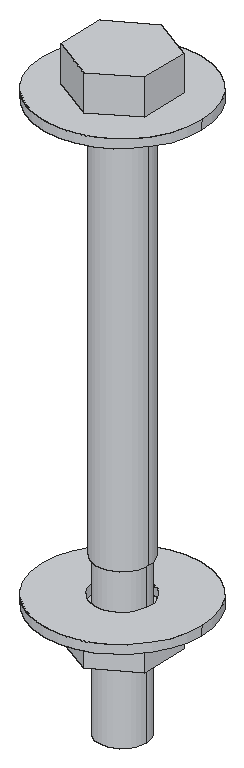
Revit family "Generic ISO Metric Bolt Assembly", category Generic Models, Revit 2022
Family settings
  Can host rebar = No
  Round Connector Dimension = Use Diameter
  Part Type = Normal
  Work Plane-Based = Yes
  Always vertical = No
  Cut with Voids When Loaded = Yes
  Maintain Annotation Orientation = No
  Shared = No
  Room Calculation Point = No
Parameters
  tabD2D = "GIMBA D2D"  # constant formula
  rh = if(Clearance Hole = 12, dh1 / 2, if(Clearance Hole = 14, dh3 / 2, dh2 / 2))  # 6.75 mm
  gd [instance] = -Grip Length + round(0) * 1 mm  # -100 mm
  dh3 = size_lookup(tabMGeo, "dh3", 1.16 * D + 0.4 mm, D)  # 14.5 mm
  dh2 = size_lookup(tabMGeo, "dh2", 1.09 * D + 0.1 mm, D)  # 13.5 mm
  dh1 = size_lookup(tabMGeo, "dh1", 1.03 * D + 0.3 mm, D)  # 13 mm
  Wrench Size [instance] = 19 mm
  Thread Length [instance] = 36 mm
  tabMGeo = "GIMBA MGeo"  # constant formula
  Default Elevation = 0 mm
  URL = "https://www.b-tu.de/en/fg-kommunikationstechnik/team/staff/prof-dr-ing-habil-matthias-wolff"
  Type Comments = ""
  Thread Material = none
  Shank = yes
  Nominal Diameter = 12 mm
  Material = none
  Manufacturer = "Matthias Wolff"  # constant formula
  Grip Length [instance] = 100 mm
  Large Washers [instance] = yes
  Description = "ISO metric bolt assembly with washers and nut"  # constant formula
  D = if(Nominal Diameter < 3 mm, 3 mm, if(Nominal Diameter > 64 mm, 64 mm, size_lookup(tabD2D, "D", Nominal Diameter, round(Nominal Diameter / 1 mm) * 1 mm)))  # 12 mm
  Cut Clearance Hole = not(Clearance Hole = 0)  # yes
  Clearance Hole = 13
  Bolt Length [instance] = 130 mm
Reference planes
  plane 1 "Mitte (Vorne/hinten)": y = 0
  plane 2: z = 0
  plane 3 "Mitte (Links/rechts)": x = 0
Forms (mm)
  Extrusion 1, void
    sketch origin (0, 0, 0) x (1, 0, 0) y (0, 1, 0)
      loop
        circle (0, 0) r 6.75
    from -100 <- "gd" to 0
Dimensions and locks
  "Bolt Length": nested 1 to nested 1
  nested 1 to nested 1 = 100 mm
  "Thread Length": nested 1 to nested 1
  "Wrench Size": nested 1 to nested 1
  nested 1 to nested 1 = 12 mm
  "rh": radius of Extrusion 1 sketch curve
  aligned and locked: level to plane 2
  aligned and locked: plane 1 "Mitte (Vorne/hinten)" to nested 1
  aligned and locked: plane 3 "Mitte (Links/rechts)" to nested 1
  aligned and locked: plane 3 "Mitte (Links/rechts)" to Extrusion 1 sketch curve
  aligned and locked: plane 1 "Mitte (Vorne/hinten)" to Extrusion 1 sketch curve
  aligned and locked: nested 1 to plane 2
Nested families
  nested 1: "GIMBA Geometry" at (0, 0, 0), type "generic"
    with g2l 130 mm, Length 100 mm, g 100 mm, l 130 mm
Definition of nested family "GIMBA Geometry"
  Parameters (values of type "generic")
    tabD2D = "GIMBA D2D"  # constant formula
    pg2l = if(Length < 23 mm, 2, if(Length < 100 mm, 5, 10))  # 10
    cu = round((0.1453 * (D / 1 mm) + 0.3479) * pu) / pu * 1 mm  # 2 mm
    cdu3 = 3 * D + round(0) * 1 mm  # 36 mm
    u = cu  # 2 mm
    cdu2 = round(1.8508 * D / 1 mm + 0.7401) * 1 mm  # 23 mm
    cdu1 = if(D < 11 mm, round(10 * 1.0382 * D / 1 mm + 0.1206) / 10 * 1 mm, D + 1 mm)  # 13 mm
    tabG2L = "GIMBA G2L"  # constant formula
    s = size_lookup(tabMGeo, "s", cs, D)  # 19 mm
    ck = round(2 * (0.6216 * D / 1 mm + 0.2961)) / 2 * 1 mm  # 8 mm
    g2l = size_lookup(tabG2L, "l", Length + 2 * u + 2 * k, D, round(Length / 1 mm / pg2l) * pg2l * 1 mm)  # 150 mm
    pu = if(D < 10 mm, 10, if(D < 16 mm, 2, 1))  # 2
    pP = if(D < 6 mm, 10, if(D < 14 mm, 4, 2))  # 4
    cd2 = D - 3 * sqrt(3) / 8 * P  # 10.863 mm
    cb4 = 2 * D + 25 mm + round(0) * 1 mm  # 49 mm
    cb3 = 2 * D + 12 mm + round(0) * 1 mm  # 36 mm
    cb2 = 2 * D + 6 mm + round(0) * 1 mm  # 30 mm
    cb = if(Shank, if(l < 125 mm, cb2, if(l < 200 mm, cb3, cb4)), l - ca)  # 36 mm
    ca = round(2 * (0.7122 * (D / 1 mm) ^ 0.7822)) / 2 * 1 mm  # 5 mm
    Default Elevation = 0 mm
    cP = round(0.2365 * (D / 1 mm) ^ 0.7831 * pP) / pP * 1 mm  # 1.75 mm
    URL = "https://www.b-tu.de/en/fg-kommunikationstechnik/team/staff/prof-dr-ing-habil-matthias-wolff"
    P = size_lookup(tabMGeo, "P", cP, D)  # 1.75 mm
    Large Washers = yes
    Length = 120 mm
    cH = sqrt(3) / 2 * P  # 1.516 mm
    Manufacturer = "Matthias Wolff"  # constant formula
    D = if(Nominal Diameter < 3 mm, 3 mm, if(Nominal Diameter > 64 mm, 64 mm, size_lookup(tabD2D, "D", Nominal Diameter, round(Nominal Diameter / 1 mm) * 1 mm)))  # 12 mm
    ru1 = cdu1 / 2  # 6.5 mm
    R = D / 2 + round(0) * 1 mm  # 6 mm
    tabMGeo = "GIMBA MGeo"  # constant formula
    g = Length + round(0) * 1 mm  # 120 mm
    cs = round(1.5095 * D / 1 mm + 0.6456) * 1 mm  # 19 mm
    Grip = yes
    Thread Material = none
    Material = none
    l = if(Grip, g2l, Length)  # 150 mm
    r2 = cd2 / 2  # 5.432 mm
    k = size_lookup(tabMGeo, "k", ck, D)  # 8 mm
    ru2 = if(Large Washers, cdu3 / 2, cdu2 / 2)  # 18 mm
    Shank = yes
    Description = "Geometry of an ISO metric bolt assembly with washers and hex cap and nut"  # constant formula
    Nominal Diameter = 12 mm
  Reference planes
    plane 1 "Mitte (Vorne/hinten)": y = 0
    plane 2 "Reference plane": z = 0
    plane 3 "Mitte (Links/rechts)": x = 0
    plane 4 "Head bottom": z = 2
    plane 5 "Head top": z = 10
    plane 6 "Lower washer top": z = -120
    plane 7 "Nut top": z = -122
    plane 8 "Nut bottom": z = -130
    plane 9 "Bolt bottom": z = -148
    plane 10 "Shank end": z = -112
    plane 11 "ru1": x = 6.5
    plane 12 "ru2": x = 18
    plane 13 "R": x = 6
    plane 14 "r2": x = 5.432
  Forms (mm)
    Sweep 1, solid, material <- "Material", detail levels medium+fine
      path origin (0, 0, 0) x (1, 0, 0) y (0, 0, 1)
        loop
          line (0, 2) -> (0, 10)
      profile "Hexagonal Profile : generic" origin (0, 0, 6) x (-1, 0, 0) y (0, -1, 0)
        loop
          line (-9.5, 5.485) -> (-9.5, -5.485) -> (0, -10.97) -> (9.5, -5.485) -> (9.5, 5.485) -> (0, 10.97) -> (-9.5, 5.485)
    Sweep 2, solid, material <- "Material", visible <- "Grip", detail levels medium+fine
      path origin (0, 0, -109.5) x (1, 0, 0) y (0, 0, 1)
        loop
          line (0, -20.5) -> (0, -12.5)
      profile "Hexagonal Profile : generic" origin (0, 0, -126) x (-1, 0, 0) y (0, -1, 0)
        loop
          line (-9.5, 5.485) -> (-9.5, -5.485) -> (0, -10.97) -> (9.5, -5.485) -> (9.5, 5.485) -> (0, 10.97) -> (-9.5, 5.485)
    Extrusion 3, void
      sketch origin (0, 0, 0) x (1, 0, 0) y (0, 1, 0)
        loop
          circle (0, 0) r 5.432
      from -130 to -122
    Extrusion 4, solid, material <- "Material", detail levels medium+fine
      sketch origin (0, 0, 0) x (1, 0, 0) y (0, 1, 0)
        loop
          circle (0, 0) r 18
        loop
          circle (0, 0) r 6.5
      from 0 to 2
    Extrusion 5, solid, material <- "Material", visible <- "Grip", detail levels medium+fine
      sketch origin (0, 0, 0) x (1, 0, 0) y (0, 1, 0)
        loop
          circle (0, 0) r 18
        loop
          circle (0, 0) r 6.5
      from -122 to -120
    Extrusion 6, solid, material <- "Material", detail levels fine
      sketch origin (0, 0, 0) x (1, 0, 0) y (0, 1, 0)
        loop
          circle (0, 0) r 6
      from -112 to 2
    Extrusion 7, solid, material <- "Thread Material", detail levels fine
      sketch origin (0, 0, 0) x (1, 0, 0) y (0, 1, 0)
        loop
          circle (0, 0) r 5.432
      from -148 to -112
    Extrusion 8, solid, material <- "Material", detail levels medium
      sketch origin (0, 0, 0) x (1, 0, 0) y (0, 1, 0)
        loop
          circle (0, 0) r 6
      from -148 to 2
  Cuts and joins
    Extrusion 3 cuts Sweep 1
    Extrusion 3 cuts Sweep 2
  Dimensions and locks
    "u": plane 4 "Head bottom" to plane 2 "Reference plane"
    "k": plane 5 "Head top" to plane 4 "Head bottom"
    "g": plane 2 "Reference plane" to plane 6 "Lower washer top"
    "u": plane 6 "Lower washer top" to plane 7 "Nut top"
    "k": plane 7 "Nut top" to plane 8 "Nut bottom"
    "l": plane 4 "Head bottom" to plane 9 "Bolt bottom"
    "cb": plane 10 "Shank end" to plane 9 "Bolt bottom"
    "ru1": plane 11 "ru1" to plane 3 "Mitte (Links/rechts)"
    "ru2": plane 12 "ru2" to plane 3 "Mitte (Links/rechts)"
    "R": plane 13 "R" to plane 3 "Mitte (Links/rechts)"
    "r2": plane 14 "r2" to plane 3 "Mitte (Links/rechts)"
    "r2": radius of Extrusion 3 sketch curve
    "ru2": radius of Extrusion 4 sketch curve
    "ru1": radius of Extrusion 4 sketch curve
    "ru2": radius of Extrusion 5 sketch curve
    "ru1": radius of Extrusion 5 sketch curve
    "R": radius of Extrusion 6 sketch curve
    "r2": radius of Extrusion 7 sketch curve
    "R": radius of Extrusion 8 sketch curve
    aligned and locked: plane 3 "Mitte (Links/rechts)" to Sweep 1 sketch curve
    aligned and locked: plane 5 "Head top" to Sweep 1 sketch curve
    aligned and locked: plane 3 "Mitte (Links/rechts)" to Extrusion 3 sketch curve
    aligned and locked: plane 1 "Mitte (Vorne/hinten)" to Extrusion 3 sketch curve
    aligned and locked: Extrusion 3 to plane 8 "Nut bottom"
    aligned and locked: plane 7 "Nut top" to Extrusion 3
    aligned and locked: plane 8 "Nut bottom" to Sweep 2 sketch curve
    aligned and locked: plane 4 "Head bottom" to cut or joined group of Sweep 1, Extrusion 3
    aligned and locked: plane 5 "Head top" to cut or joined group of Sweep 1, Extrusion 3
    aligned and locked: level to plane 2 "Reference plane"
    aligned and locked: plane 3 "Mitte (Links/rechts)" to Extrusion 4 sketch curve  (x2)
    aligned and locked: plane 1 "Mitte (Vorne/hinten)" to Extrusion 4 sketch curve  (x2)
    aligned and locked: plane 4 "Head bottom" to Extrusion 4
    aligned and locked: Extrusion 4 to plane 2 "Reference plane"
    aligned and locked: plane 3 "Mitte (Links/rechts)" to Extrusion 5 sketch curve  (x2)
    aligned and locked: plane 1 "Mitte (Vorne/hinten)" to Extrusion 5 sketch curve  (x2)
    aligned and locked: plane 6 "Lower washer top" to Extrusion 5
    aligned and locked: Extrusion 5 to plane 7 "Nut top"
    aligned and locked: plane 1 "Mitte (Vorne/hinten)" to Extrusion 6 sketch curve
    aligned and locked: plane 3 "Mitte (Links/rechts)" to Extrusion 6 sketch curve
    aligned and locked: plane 4 "Head bottom" to Extrusion 6
    aligned and locked: Extrusion 6 to plane 10 "Shank end"
    aligned and locked: plane 3 "Mitte (Links/rechts)" to Extrusion 7 sketch curve
    aligned and locked: plane 1 "Mitte (Vorne/hinten)" to Extrusion 7 sketch curve
    aligned and locked: plane 10 "Shank end" to Extrusion 7
    aligned and locked: Extrusion 7 to plane 9 "Bolt bottom"
    aligned and locked: plane 1 "Mitte (Vorne/hinten)" to Extrusion 8 sketch curve
    aligned and locked: Extrusion 8 to plane 9 "Bolt bottom"
    aligned and locked: plane 4 "Head bottom" to Extrusion 8
  Automatic sketch dimensions
    Sweep 1 sketch curve to plane 4 "Head bottom" = 0 mm
    Sweep 2 sketch curve to plane 3 "Mitte (Links/rechts)" = 0 mm
    Sweep 2 sketch curve to plane 7 "Nut top" = 0 mm
    Extrusion 8 sketch curve to plane 3 "Mitte (Links/rechts)" = 0 mm
Types in the file's own list only (43): name | rh | dh3 | dh2 | dh1 | Thread Material | Shank | Nominal Diameter | Material | D
  M3 Steel galvanized | 2 mm | 4 mm | 3 mm | 3 mm | GIMBA - Steel galvanized - M3 thread | No | 3 mm | GIMBA - Steel galvanized | 3 mm
  M4 Steel galvanized | 2 mm | 5 mm | 5 mm | 4 mm | GIMBA - Steel galvanized - M4 thread | No | 4 mm | GIMBA - Steel galvanized | 4 mm
  M5 Steel galvanized | 3 mm | 6 mm | 6 mm | 5 mm | GIMBA - Steel galvanized - M5 thread | No | 5 mm | GIMBA - Steel galvanized | 5 mm
  M6 Steel galvanized | 3 mm | 7 mm | 7 mm | 6 mm | GIMBA - Steel galvanized - M6 thread | No | 6 mm | GIMBA - Steel galvanized | 6 mm
  M8 Steel galvanized | 5 mm | 10 mm | 9 mm | 8 mm | GIMBA - Steel galvanized - M8 thread | No | 8 mm | GIMBA - Steel galvanized | 8 mm
  M10 Steel galvanized | 6 mm | 12 mm | 11 mm | 11 mm | GIMBA - Steel galvanized - M10 thread | No | 10 mm | GIMBA - Steel galvanized | 10 mm
  M10 w/shank Steel galvanized | 6 mm | 12 mm | 11 mm | 11 mm | GIMBA - Steel galvanized - M10 thread | Yes | 10 mm | GIMBA - Steel galvanized | 10 mm
  M12 Steel galvanized | 7 mm | 15 mm | 14 mm | 13 mm | GIMBA - Steel galvanized - M12 thread | No | 12 mm | GIMBA - Steel galvanized | 12 mm
  M12 w/shank Steel galvanized | 7 mm | 15 mm | 14 mm | 13 mm | GIMBA - Steel galvanized - M12 thread | Yes | 12 mm | GIMBA - Steel galvanized | 12 mm
  M14 Steel galvanized | 8 mm | 17 mm | 16 mm | 15 mm | GIMBA - Steel galvanized - M14 thread | No | 14 mm | GIMBA - Steel galvanized | 14 mm
  M14 w/shank Steel galvanized | 8 mm | 17 mm | 16 mm | 15 mm | GIMBA - Steel galvanized - M14 thread | Yes | 14 mm | GIMBA - Steel galvanized | 14 mm
  M16 Steel galvanized | 9 mm | 19 mm | 18 mm | 17 mm | GIMBA - Steel galvanized - M16 thread | No | 16 mm | GIMBA - Steel galvanized | 16 mm
  M16 w/shank Steel galvanized | 9 mm | 19 mm | 18 mm | 17 mm | GIMBA - Steel galvanized - M16 thread | Yes | 16 mm | GIMBA - Steel galvanized | 16 mm
  M18 Steel galvanized | 10 mm | 21 mm | 20 mm | 19 mm | GIMBA - Steel galvanized - M18 thread | No | 18 mm | GIMBA - Steel galvanized | 18 mm
  M18 w/shank Steel galvanized | 10 mm | 21 mm | 20 mm | 19 mm | GIMBA - Steel galvanized - M18 thread | Yes | 18 mm | GIMBA - Steel galvanized | 18 mm
  M20 Steel galvanized | 11 mm | 24 mm | 22 mm | 21 mm | GIMBA - Steel galvanized - M20 thread | No | 20 mm | GIMBA - Steel galvanized | 20 mm
  M20 w/shank Steel galvanized | 11 mm | 24 mm | 22 mm | 21 mm | GIMBA - Steel galvanized - M20 thread | Yes | 20 mm | GIMBA - Steel galvanized | 20 mm
  M22 Steel galvanized | 12 mm | 26 mm | 24 mm | 23 mm | GIMBA - Steel galvanized - M22 thread | No | 22 mm | GIMBA - Steel galvanized | 22 mm
  M22 w/shank Steel galvanized | 12 mm | 26 mm | 24 mm | 23 mm | GIMBA - Steel galvanized - M22 thread | Yes | 22 mm | GIMBA - Steel galvanized | 22 mm
  M24 Steel galvanized | 13 mm | 28 mm | 26 mm | 25 mm | GIMBA - Steel galvanized - M24 thread | No | 24 mm | GIMBA - Steel galvanized | 24 mm
  M24 w/shank Steel galvanized | 13 mm | 28 mm | 26 mm | 25 mm | GIMBA - Steel galvanized - M24 thread | Yes | 24 mm | GIMBA - Steel galvanized | 24 mm
  M27 Steel galvanized | 15 mm | 32 mm | 30 mm | 28 mm | GIMBA - Steel galvanized - M27 thread | No | 27 mm | GIMBA - Steel galvanized | 27 mm
  M27 w/shank Steel galvanized | 15 mm | 32 mm | 30 mm | 28 mm | GIMBA - Steel galvanized - M27 thread | Yes | 27 mm | GIMBA - Steel galvanized | 27 mm
  M30 Steel galvanized | 17 mm | 35 mm | 33 mm | 31 mm | GIMBA - Steel galvanized - M30 thread | No | 30 mm | GIMBA - Steel galvanized | 30 mm
  M30 w/shank Steel galvanized | 17 mm | 35 mm | 33 mm | 31 mm | GIMBA - Steel galvanized - M30 thread | Yes | 30 mm | GIMBA - Steel galvanized | 30 mm
  M33 Steel galvanized | 18 mm | 39 mm | 36 mm | 34 mm | GIMBA - Steel galvanized - M33 thread | No | 33 mm | GIMBA - Steel galvanized | 33 mm
  M33 w/shank Steel galvanized | 18 mm | 39 mm | 36 mm | 34 mm | GIMBA - Steel galvanized - M33 thread | Yes | 33 mm | GIMBA - Steel galvanized | 33 mm
  M36 Steel galvanized | 20 mm | 42 mm | 39 mm | 37 mm | GIMBA - Steel galvanized - M36 thread | No | 36 mm | GIMBA - Steel galvanized | 36 mm
  M36 w/shank Steel galvanized | 20 mm | 42 mm | 39 mm | 37 mm | GIMBA - Steel galvanized - M36 thread | Yes | 36 mm | GIMBA - Steel galvanized | 36 mm
  M39 Steel galvanized | 22 mm | 45 mm | 43 mm | 40 mm | GIMBA - Steel galvanized - M39 thread | No | 39 mm | GIMBA - Steel galvanized | 39 mm
  M39 w/shank Steel galvanized | 22 mm | 45 mm | 43 mm | 40 mm | GIMBA - Steel galvanized - M39 thread | Yes | 39 mm | GIMBA - Steel galvanized | 39 mm
  M42 Steel galvanized | 23 mm | 48 mm | 46 mm | 43 mm | GIMBA - Steel galvanized - M42 thread | No | 42 mm | GIMBA - Steel galvanized | 42 mm
  M42 w/shank Steel galvanized | 23 mm | 48 mm | 46 mm | 43 mm | GIMBA - Steel galvanized - M42 thread | Yes | 42 mm | GIMBA - Steel galvanized | 42 mm
  M45 Steel galvanized | 25 mm | 52 mm | 49 mm | 47 mm | GIMBA - Steel galvanized - M45 thread | No | 45 mm | GIMBA - Steel galvanized | 45 mm
  M45 w/shank Steel galvanized | 25 mm | 52 mm | 49 mm | 47 mm | GIMBA - Steel galvanized - M45 thread | Yes | 45 mm | GIMBA - Steel galvanized | 45 mm
  M48 Steel galvanized | 26 mm | 56 mm | 52 mm | 50 mm | GIMBA - Steel galvanized - M48 thread | No | 48 mm | GIMBA - Steel galvanized | 48 mm
  M48 w/shank Steel galvanized | 26 mm | 56 mm | 52 mm | 50 mm | GIMBA - Steel galvanized - M48 thread | Yes | 48 mm | GIMBA - Steel galvanized | 48 mm
  M52 Steel galvanized | 29 mm | 61 mm | 57 mm | 54 mm | GIMBA - Steel galvanized - M52 thread | No | 52 mm | GIMBA - Steel galvanized | 52 mm
  M52 w/shank Steel galvanized | 29 mm | 61 mm | 57 mm | 54 mm | GIMBA - Steel galvanized - M52 thread | Yes | 52 mm | GIMBA - Steel galvanized | 52 mm
  M56 Steel galvanized | 31 mm | 66 mm | 62 mm | 58 mm | GIMBA - Steel galvanized - M56 thread | No | 56 mm | GIMBA - Steel galvanized | 56 mm
  M56 w/shank Steel galvanized | 31 mm | 66 mm | 62 mm | 58 mm | GIMBA - Steel galvanized - M56 thread | Yes | 56 mm | GIMBA - Steel galvanized | 56 mm
  M64 Steel galvanized | 35 mm | 74 mm | 70 mm | 66 mm | GIMBA - Steel galvanized - M64 thread | No | 64 mm | GIMBA - Steel galvanized | 64 mm
  M64 w/shank Steel galvanized | 35 mm | 74 mm | 70 mm | 66 mm | GIMBA - Steel galvanized - M64 thread | Yes | 64 mm | GIMBA - Steel galvanized | 64 mm
